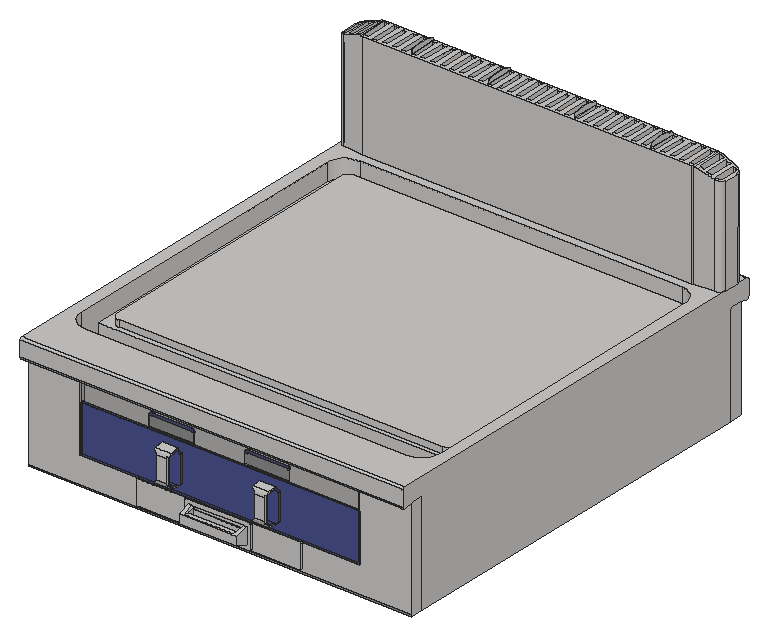
Revit family "QF_ELECTROLUXPROFESSIONAL_593318_MCHMAADOVO", category Specialty Equipment, Revit 2018 (continued)
Definition of nested family "GG_900_Backsplash for 800 fryer"
  Automatic sketch dimensions
    Extrusion 39 sketch curve to Extrusion 39 sketch curve = 0.832 mm
    Extrusion 39 sketch curve to Extrusion 39 sketch curve = 11.257 mm
    Extrusion 39 sketch curve to Extrusion 39 sketch curve = 0 mm  (x2)
    Extrusion 39 sketch curve to plane 6 = 0.419 mm
    Extrusion 39 sketch curve to plane 6 = 12.894 mm
    Extrusion 39 sketch curve to Extrusion 39 sketch curve = 10.482 mm
    Extrusion 39 sketch curve to Extrusion 39 sketch curve = 0.775 mm
    Extrusion 39 sketch curve to Extrusion 39 sketch curve = 0.056 mm
    Extrusion 39 sketch curve to Extrusion 39 sketch curve = 4 mm
    level to Extrusion 39 sketch curve = 1058.216 mm
    Extrusion 39 sketch curve to Extrusion 39 sketch curve = 49.354 mm
    Extrusion 39 sketch curve to Extrusion 39 sketch curve = 3.029 mm  (x2)
    Extrusion 39 sketch curve to Extrusion 39 sketch curve = 0.001 mm  (x4)
    Extrusion 39 sketch curve to Extrusion 39 sketch curve = 2.392 mm
    Extrusion 40 sketch curve to Extrusion 40 sketch curve = 0 mm  (x3)
    plane 4 to Extrusion 40 sketch curve = 152.48 mm
    Extrusion 40 sketch curve to Extrusion 40 sketch curve = 1 mm  (x2)
    Extrusion 40 sketch curve to Extrusion 40 sketch curve = 0.732 mm
    level to Extrusion 40 sketch curve = 1106.571 mm
    plane 6 to Extrusion 41 sketch curve = 26.484 mm
    Extrusion 41 sketch curve to Extrusion 41 sketch curve = 3.168 mm
    Extrusion 41 sketch curve to Extrusion 41 sketch curve = 0.003 mm
    Extrusion 41 sketch curve to Extrusion 41 sketch curve = 0.832 mm
    Extrusion 41 sketch curve to Extrusion 41 sketch curve = 11.257 mm
    Extrusion 41 sketch curve to Extrusion 41 sketch curve = 0 mm  (x2)
    Extrusion 41 sketch curve to plane 6 = 0.419 mm
    Extrusion 41 sketch curve to plane 6 = 12.894 mm
    Extrusion 41 sketch curve to Extrusion 41 sketch curve = 10.482 mm
    Extrusion 41 sketch curve to Extrusion 41 sketch curve = 0.775 mm
    Extrusion 41 sketch curve to Extrusion 41 sketch curve = 0.056 mm
    Extrusion 41 sketch curve to Extrusion 41 sketch curve = 4 mm
    level to Extrusion 41 sketch curve = 1058.216 mm
    Extrusion 41 sketch curve to Extrusion 41 sketch curve = 49.354 mm
    Extrusion 41 sketch curve to Extrusion 41 sketch curve = 3.029 mm  (x2)
    Extrusion 41 sketch curve to Extrusion 41 sketch curve = 0.001 mm  (x4)
    Extrusion 41 sketch curve to Extrusion 41 sketch curve = 2.392 mm
    Extrusion 42 sketch curve to Extrusion 42 sketch curve = 0 mm  (x3)
    Extrusion 42 sketch curve to plane 3 "Center (Left/Right)" = 87.373 mm
    Extrusion 42 sketch curve to Extrusion 42 sketch curve = 1 mm  (x2)
    Extrusion 42 sketch curve to Extrusion 42 sketch curve = 0.732 mm
    level to Extrusion 42 sketch curve = 1106.571 mm
    plane 6 to Extrusion 43 sketch curve = 26.484 mm
    Extrusion 43 sketch curve to Extrusion 43 sketch curve = 3.168 mm
    Extrusion 43 sketch curve to Extrusion 43 sketch curve = 0.003 mm
    Extrusion 43 sketch curve to Extrusion 43 sketch curve = 0.832 mm
    Extrusion 43 sketch curve to Extrusion 43 sketch curve = 11.257 mm
    Extrusion 43 sketch curve to Extrusion 43 sketch curve = 0 mm  (x2)
    Extrusion 43 sketch curve to plane 6 = 0.419 mm
    Extrusion 43 sketch curve to plane 6 = 12.894 mm
    Extrusion 43 sketch curve to Extrusion 43 sketch curve = 10.482 mm
    Extrusion 43 sketch curve to Extrusion 43 sketch curve = 0.775 mm
    Extrusion 43 sketch curve to Extrusion 43 sketch curve = 0.056 mm
    Extrusion 43 sketch curve to Extrusion 43 sketch curve = 4 mm
    level to Extrusion 43 sketch curve = 1058.216 mm
    Extrusion 43 sketch curve to Extrusion 43 sketch curve = 49.354 mm
    Extrusion 43 sketch curve to Extrusion 43 sketch curve = 3.029 mm  (x2)
    Extrusion 43 sketch curve to Extrusion 43 sketch curve = 0.001 mm  (x4)
    Extrusion 43 sketch curve to Extrusion 43 sketch curve = 2.392 mm
    Extrusion 44 sketch curve to Extrusion 44 sketch curve = 0 mm  (x3)
    Extrusion 44 sketch curve to plane 5 = 145 mm
    Extrusion 44 sketch curve to Extrusion 44 sketch curve = 1 mm  (x2)
    Extrusion 44 sketch curve to Extrusion 44 sketch curve = 0.732 mm
    level to Extrusion 44 sketch curve = 1107.571 mm
    plane 6 to Extrusion 45 sketch curve = 26.484 mm
    Extrusion 45 sketch curve to Extrusion 45 sketch curve = 3.168 mm
    Extrusion 45 sketch curve to Extrusion 45 sketch curve = 0.003 mm
    Extrusion 45 sketch curve to Extrusion 45 sketch curve = 0.832 mm
    Extrusion 45 sketch curve to Extrusion 45 sketch curve = 11.257 mm
    Extrusion 45 sketch curve to Extrusion 45 sketch curve = 0 mm  (x2)
    Extrusion 45 sketch curve to plane 6 = 0.419 mm
    Extrusion 45 sketch curve to plane 6 = 12.894 mm
    Extrusion 45 sketch curve to Extrusion 45 sketch curve = 10.482 mm
    Extrusion 45 sketch curve to Extrusion 45 sketch curve = 0.775 mm
    Extrusion 45 sketch curve to Extrusion 45 sketch curve = 0.056 mm
    Extrusion 45 sketch curve to Extrusion 45 sketch curve = 4 mm
    level to Extrusion 45 sketch curve = 1058.216 mm
    Extrusion 45 sketch curve to Extrusion 45 sketch curve = 49.354 mm
    Extrusion 45 sketch curve to Extrusion 45 sketch curve = 3.029 mm  (x2)
    Extrusion 45 sketch curve to Extrusion 45 sketch curve = 0.001 mm  (x4)
    Extrusion 45 sketch curve to Extrusion 45 sketch curve = 2.392 mm
    Extrusion 46 sketch curve to Extrusion 46 sketch curve = 0 mm  (x3)
    plane 3 "Center (Left/Right)" to Extrusion 46 sketch curve = 94.792 mm
    Extrusion 46 sketch curve to Extrusion 46 sketch curve = 1 mm  (x2)
    Extrusion 46 sketch curve to Extrusion 46 sketch curve = 0.732 mm
    level to Extrusion 46 sketch curve = 1107.571 mm
    curve 15 to plane 5 = 0 mm
    plane 6 to curve 6 = 32.954 mm
    curve 17 to plane 4 = 0 mm
    plane 4 to curve 16 = 0.886 mm
    plane 4 to curve 2 = 11.608 mm
    plane 4 to curve 7 = 11.608 mm
    curve 5 to curve 6 = 58.231 mm
    plane 1 "Center (Front/Back)" to curve 1 = 5.039 mm
    curve 3 to curve 1 = 58.231 mm
    curve 8 to plane 5 = 70.951 mm
    curve 1 to curve 6 = 0 mm
    curve 12 to plane 5 = 12.72 mm
    curve 8 to plane 5 = 12.72 mm
    curve 15 to plane 5 = 1.998 mm
    curve 14 to curve 9 = 1.998 mm
    plane 4 to curve 17 = 0.886 mm
    curve 3 to curve 3 = 11.746 mm
    curve 5 to curve 5 = 11.746 mm
    curve 11 to curve 11 = 11.746 mm
    curve 10 to curve 10 = 11.746 mm
    plane 6 to curve 7 = 27.86 mm
    plane 6 to curve 8 = 27.86 mm
    plane 6 to curve 15 = 15.407 mm
    curve 14 to plane 6 = 15.407 mm
    curve 4 to plane 6 = 15.407 mm
    plane 1 "Center (Front/Back)" to curve 2 = 10.134 mm
    plane 1 "Center (Front/Back)" to curve 12 = 10.134 mm
    plane 6 to curve 17 = 15.407 mm
